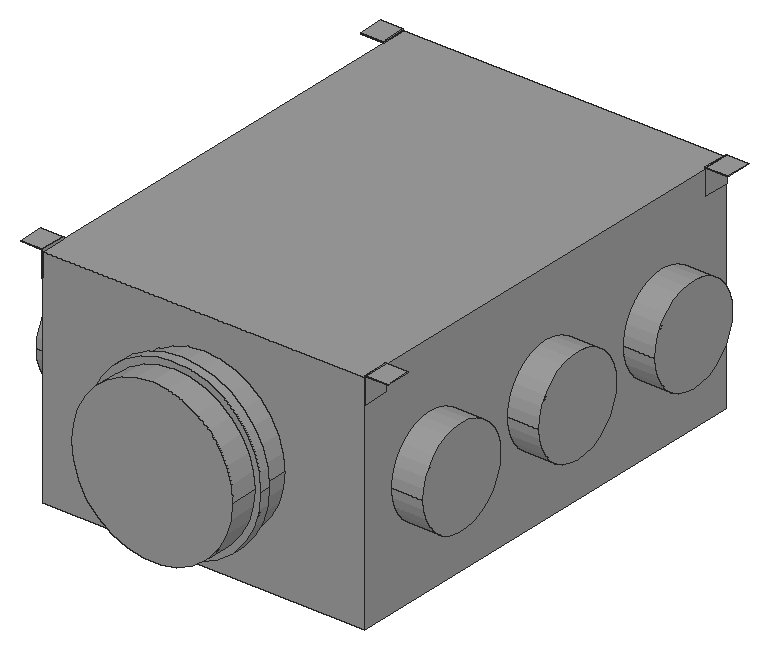
Revit family "SA_FASU(F6-150 250Φ)", category ダクト付属品, Revit 2021
Family settings
  丸型コネクタ寸法 = 直径を使用
  パーツ タイプ = ダンパー
  OmniClass 番号 = 23.75.00.00
  OmniClass タイトル = Climate Control (HVAC)
  作業面ベース = いいえ
  常に垂直 = はい
  ロード時にボイドで切り取り = いいえ
  共有 = いいえ
Parameters
  高さ = 350 mm
  風量 = 0.0 L/s
  符号 = "FASU"
  形式 = "F6-150 250φ"
  幅 [instance] = 500 mm
  奥行き = 700 mm
  大きさ = 250 mm
  呼称 = "FASUチャンバー"
  付属品_下端レベル [instance] = 0 mm
  マテリアル [instance] = 既定値
  ダクト_イン = 300 mm
  ダクト_アウト = 150 mm
  既定の高さ = 0 mm
Reference planes
  plane 1 "中心(正面/背面)": y = 0
  plane 2: z = 0
  plane 3 "中心(左/右)": x = 0
  plane 4: x = -250
  plane 5: x = 250
  plane 6: y = -700
  plane 7: z = 350
  plane 8: z = 175
  plane 9: z = 266.963
  plane 10: z = 86.159
  plane 11: x = -251
  plane 12: z = 313.122
  plane 13: z = 352.122
  plane 14: y = -350
Forms (mm)
  Extrusion 1, solid, material "既定値" <- "マテリアル"
    sketch origin (0, 0, 0) x (1, 0, 0) y (0, 1, 0)
      loop
        line (-250, 0) -> (-250, -700) -> (250, -700) -> (250, 0) -> (-250, 0)
    from 0 to 350
  Extrusion 2, solid, material "既定値" <- "マテリアル"
    sketch origin (0, -30, 0) x (1, 0, 0) y (0, 1, 0)
      loop
        line (-250, 30) -> (-251, 30) -> (-251, -10) -> (-250, -10) -> (-250, 30)
    from 313.122 to 350
  Extrusion 3, solid, material "既定値" <- "マテリアル"
    sketch origin (0, -30, 0) x (1, 0, 0) y (0, 1, 0)
      loop
        line (-285, 30) -> (-285, -10) -> (-251, -10) -> (-251, 30) -> (-285, 30)
    from 352.122 to 350
  Extrusion 4, solid, material "既定値" <- "マテリアル"
    sketch origin (0, -30, 0) x (-1, 0, 0) y (0, -1, 0)
      loop
        line (-250, -30) -> (-250, 10) -> (-251, 10) -> (-251, -30) -> (-250, -30)
    from 313.122 to 353.122
  Extrusion 5, solid, material "既定値" <- "マテリアル"
    sketch origin (0, -30, 0) x (-1, 0, 0) y (0, -1, 0)
      loop
        line (-285, -30) -> (-251, -30) -> (-251, 10) -> (-285, 10) -> (-285, -30)
    from 352.122 to 353.122
  Extrusion 6, solid, material "既定値" <- "マテリアル"
    sketch origin (0, -490, 0) x (1, 0, 0) y (0, 1, 0)
      loop
        line (-285, -170) -> (-285, -210) -> (-251, -210) -> (-251, -170) -> (-285, -170)
    from 352.122 to 353.122
  Extrusion 7, solid, material "既定値" <- "マテリアル"
    sketch origin (0, -490, 0) x (1, 0, 0) y (0, 1, 0)
      loop
        line (-250, -170) -> (-251, -170) -> (-251, -210) -> (-250, -210) -> (-250, -170)
    from 313.122 to 353.122
  Extrusion 8, solid, material "既定値" <- "マテリアル"
    sketch origin (0, -490, 0) x (-1, 0, 0) y (0, -1, 0)
      loop
        line (-285, 170) -> (-251, 170) -> (-251, 210) -> (-285, 210) -> (-285, 170)
    from 352.122 to 353.122
  Extrusion 9, solid, material "既定値" <- "マテリアル"
    sketch origin (0, -490, 0) x (-1, 0, 0) y (0, -1, 0)
      loop
        line (-250, 170) -> (-250, 210) -> (-251, 210) -> (-251, 170) -> (-250, 170)
    from 313.122 to 353.122
  Extrusion 10, solid, material "既定値" <- "マテリアル"
    sketch origin (550, -582.5, 0) x (0, -1, 0) y (0, 0, -1)
      loop
        circle (-232.5, -175) r 74.985
    from -300 to -250
  Extrusion 11, solid, material "既定値" <- "マテリアル"
    sketch origin (-550, -582.5, 0) x (0, -1, 0) y (0, 0, 1)
      loop
        circle (-232.5, 175) r 74.985
    from -300 to -250
  Extrusion 12, solid, material "既定値" <- "マテリアル"
    sketch origin (550, -357.5, 0) x (0, -1, 0) y (0, 0, -1)
      loop
        circle (-232.5, -175) r 74.985
    from -300 to -250
  Extrusion 13, solid, material "既定値" <- "マテリアル"
    sketch origin (-550, -357.5, 0) x (0, -1, 0) y (0, 0, 1)
      loop
        circle (-232.5, 175) r 74.985
    from -300 to -250
  Extrusion 14, solid, material "既定値" <- "マテリアル"
    sketch origin (550, -142.5, 0) x (0, 1, 0) y (0, 0, 1)
      loop
        circle (-432.5, 175) r 74.985
    from -300 to -250
  Extrusion 15, solid, material "既定値" <- "マテリアル"
    sketch origin (0, -142.5, 0) x (0, 1, 0) y (0, 0, 1)
      loop
        circle (-432.5, 175) r 74.985
    from -300 to -250
  Extrusion 16, solid, material "既定値" <- "マテリアル"
    sketch origin (0, -230, 0) x (1, 0, 0) y (0, 0, 1)
      loop
        circle (0, 175) r 125
    from 470 to 512.5
  Extrusion 17, solid, material "既定値" <- "マテリアル"
    sketch origin (0, -230, 0) x (1, 0, 0) y (0, 0, 1)
      loop
        circle (0, 175) r 135
    from 512.5 to 527.5
  Extrusion 18, solid, material "既定値" <- "マテリアル"
    sketch origin (0, -317.5, 0) x (1, 0, 0) y (0, 0, 1)
      loop
        circle (0, 175) r 125
    from 440 to 482.5
Lines and regions (mm)
  model lines
    curve 1: line (-250, -30, 0) -> (250, -30, 0)
    curve 2: line (-250, -670, 0) -> (250, -670, 0)
Text (mm)
  text "FASU(F6-150 250Φ)" at (3.713, -630.412, 0), in view "参照レベル"
Dimensions and locks
  equal spacing: plane 4, plane 3 "中心(左/右)", plane 5
  "幅": plane 4 to plane 5
  "奥行き": plane 6 to plane 1 "中心(正面/背面)"
  "高さ": plane 7 to level
  equal spacing: plane 7, plane 8, level
  equal spacing: plane 6, plane 14, plane 1 "中心(正面/背面)"
  aligned and locked: level to plane 2
  aligned and locked: Extrusion 1 sketch curve to plane 5
  aligned and locked: plane 7 to Extrusion 1
  aligned and locked: Extrusion 2 sketch curve to Extrusion 1
  aligned and locked: plane 7 to Extrusion 2
  aligned and locked: Extrusion 3 sketch curve to Extrusion 2
  aligned and locked: Extrusion 2 to Extrusion 3 sketch curve
  aligned and locked: plane 7 to Extrusion 3
  aligned and locked: Extrusion 3 to plane 13
  aligned and locked: Extrusion 4 to Extrusion 5 sketch curve
  aligned and locked: Extrusion 5 sketch curve to Extrusion 4
  aligned and locked: Extrusion 1 to Extrusion 8
  aligned and locked: Extrusion 6 to Extrusion 1
  aligned and locked: Extrusion 7 to Extrusion 1
  aligned and locked: Extrusion 1 to Extrusion 9
  aligned and locked: Extrusion 9 to Extrusion 8
  aligned and locked: Extrusion 7 to Extrusion 6
  aligned and locked: plane 4 to Extrusion 7
  aligned and locked: Extrusion 9 to plane 5
  aligned and locked: plane 4 to curve 1
  aligned and locked: plane 5 to curve 1
  aligned and locked: plane 5 to curve 2
  aligned and locked: Extrusion 1 to Extrusion 3
  aligned and locked: Extrusion 5 to Extrusion 1
  aligned and locked: Extrusion 4 to plane 5
  aligned and locked: Extrusion 1 to plane 6
  aligned and locked: Extrusion 1 to plane 1 "中心(正面/背面)"
  aligned and locked: Extrusion 12 to plane 5
  aligned and locked: plane 4 to Extrusion 13
  aligned and locked: Extrusion 14 to plane 5
  aligned and locked: plane 4 to Extrusion 15
  aligned and locked: Extrusion 17 to Extrusion 18
  aligned and locked: Extrusion 17 to Extrusion 16
Automatic sketch dimensions
  Extrusion 10 sketch curve to plane 8 = 0 mm
  Extrusion 10 sketch curve to plane 14 = 0 mm
  Extrusion 11 sketch curve to plane 8 = 0 mm
  Extrusion 11 sketch curve to plane 14 = 0 mm
  curve 2 to plane 4 = 0 mm
  plane 6 to curve 2 = 30 mm
  plane 1 "中心(正面/背面)" to curve 1 = 30 mm
  Extrusion 1 sketch curve to plane 4 = 0 mm
  Extrusion 1 sketch curve to plane 6 = 0 mm
  plane 1 "中心(正面/背面)" to Extrusion 1 sketch curve = 0 mm
  plane 1 "中心(正面/背面)" to Extrusion 2 sketch curve = 0 mm
  Extrusion 2 sketch curve to plane 11 = 0 mm
  Extrusion 2 sketch curve to Extrusion 2 sketch curve = 40 mm
  plane 1 "中心(正面/背面)" to Extrusion 3 sketch curve = 0 mm
  Extrusion 3 sketch curve to Extrusion 3 sketch curve = 34 mm
  plane 1 "中心(正面/背面)" to Extrusion 4 sketch curve = 0 mm
  Extrusion 4 sketch curve to plane 5 = 0 mm
  Extrusion 4 sketch curve to Extrusion 4 sketch curve = 1 mm
  Extrusion 4 sketch curve to Extrusion 4 sketch curve = 40 mm
  plane 1 "中心(正面/背面)" to Extrusion 5 sketch curve = 0 mm
  Extrusion 5 sketch curve to Extrusion 5 sketch curve = 34 mm
  Extrusion 6 sketch curve to plane 6 = 0 mm
  Extrusion 6 sketch curve to plane 11 = 0 mm
  Extrusion 6 sketch curve to plane 11 = 34 mm
  plane 6 to Extrusion 6 sketch curve = 40 mm
  Extrusion 7 sketch curve to plane 11 = 0 mm
  Extrusion 7 sketch curve to plane 4 = 0 mm
  Extrusion 7 sketch curve to plane 6 = 0 mm
  plane 6 to Extrusion 7 sketch curve = 40 mm
  Extrusion 8 sketch curve to plane 6 = 0 mm
  Extrusion 8 sketch curve to plane 5 = 35 mm
  Extrusion 8 sketch curve to plane 5 = 1 mm
  Extrusion 8 sketch curve to Extrusion 8 sketch curve = 40 mm
  Extrusion 9 sketch curve to plane 6 = 0 mm
  Extrusion 9 sketch curve to plane 5 = 0 mm
  Extrusion 9 sketch curve to Extrusion 9 sketch curve = 1 mm
  Extrusion 9 sketch curve to Extrusion 9 sketch curve = 40 mm
  Extrusion 12 sketch curve to plane 8 = 0 mm
  plane 1 "中心(正面/背面)" to Extrusion 12 sketch curve = 125 mm
  Extrusion 13 sketch curve to plane 8 = 0 mm
  plane 1 "中心(正面/背面)" to Extrusion 13 sketch curve = 125 mm
  Extrusion 14 sketch curve to plane 8 = 0 mm
  plane 6 to Extrusion 14 sketch curve = 125 mm
  Extrusion 15 sketch curve to plane 8 = 0 mm
  plane 6 to Extrusion 15 sketch curve = 125 mm
  Extrusion 16 sketch curve to plane 8 = 0 mm
  Extrusion 17 sketch curve to plane 8 = 0 mm
  Extrusion 18 sketch curve to plane 8 = 0 mm
  plane 11 to Extrusion 16 sketch curve = 251 mm
  plane 11 to Extrusion 17 sketch curve = 251 mm
  plane 11 to Extrusion 18 sketch curve = 251 mm
  radius of Extrusion 10 sketch curve = 74.985 mm
  radius of Extrusion 11 sketch curve = 74.985 mm
  radius of Extrusion 12 sketch curve = 74.985 mm
  radius of Extrusion 13 sketch curve = 74.985 mm
  radius of Extrusion 14 sketch curve = 74.985 mm
  radius of Extrusion 15 sketch curve = 74.985 mm
  radius of Extrusion 16 sketch curve = 125 mm
  radius of Extrusion 17 sketch curve = 135 mm
  radius of Extrusion 18 sketch curve = 125 mm
Connectors
  hvac at (-300, -575, 175), driven by "ダクト_アウト"
    settings: on Extrusion 15, index 1, duct flow 0.0 L/s, flow factor 0, pres drop 0.0 Pa, loss coef 0, conn angle 0.00°, conn width 304.8 mm, conn height 304.8 mm, conn diameter 150 mm, duct sys type 29, conn prof type 0, flow config 0, flow direction 2, loss method 0, conn ref index -1, conn util no, is conn primary yes, conn desc ""
  hvac at (-300, -350, 175), driven by "ダクト_アウト"
    settings: on Extrusion 11, index 2, duct flow 0.0 L/s, flow factor 0, pres drop 0.0 Pa, loss coef 0, conn angle 0.00°, conn width 304.8 mm, conn height 304.8 mm, conn diameter 150 mm, duct sys type 29, conn prof type 0, flow config 0, flow direction 2, loss method 0, conn ref index -1, conn util no, is conn primary no, conn desc ""
  hvac at (-300, -125, 175), driven by "ダクト_アウト"
    settings: on Extrusion 13, index 3, duct flow 0.0 L/s, flow factor 0, pres drop 0.0 Pa, loss coef 0, conn angle 0.00°, conn width 304.8 mm, conn height 304.8 mm, conn diameter 150 mm, duct sys type 29, conn prof type 0, flow config 0, flow direction 2, loss method 0, conn ref index -1, conn util no, is conn primary no, conn desc ""
  hvac at (300, -575, 175), driven by "ダクト_アウト"
    settings: on Extrusion 14, index 4, duct flow 0.0 L/s, flow factor 0, pres drop 0.0 Pa, loss coef 0, conn angle 0.00°, conn width 304.8 mm, conn height 304.8 mm, conn diameter 150 mm, duct sys type 29, conn prof type 0, flow config 0, flow direction 2, loss method 0, conn ref index -1, conn util no, is conn primary no, conn desc ""
  hvac at (300, -350, 175), driven by "ダクト_アウト"
    settings: on Extrusion 10, index 5, duct flow 0.0 L/s, flow factor 0, pres drop 0.0 Pa, loss coef 0, conn angle 0.00°, conn width 304.8 mm, conn height 304.8 mm, conn diameter 150 mm, duct sys type 29, conn prof type 0, flow config 0, flow direction 2, loss method 0, conn ref index -1, conn util no, is conn primary no, conn desc ""
  hvac at (300, -125, 175), driven by "ダクト_アウト"
    settings: on Extrusion 12, index 6, duct flow 0.0 L/s, flow factor 0, pres drop 0.0 Pa, loss coef 0, conn angle 0.00°, conn width 304.8 mm, conn height 304.8 mm, conn diameter 150 mm, duct sys type 29, conn prof type 0, flow config 0, flow direction 2, loss method 0, conn ref index -1, conn util no, is conn primary no, conn desc ""
  hvac at (0, -800, 175)
    settings: on Extrusion 18, index 7, duct flow 0.0 L/s, flow factor 0, pres drop 0.0 Pa, loss coef 0, conn angle 0.00°, conn width 304.8 mm, conn height 304.8 mm, conn diameter 250 mm, duct sys type 29, conn prof type 0, flow config 0, flow direction 1, loss method 0, conn ref index -1, conn util no, is conn primary no, conn desc ""
